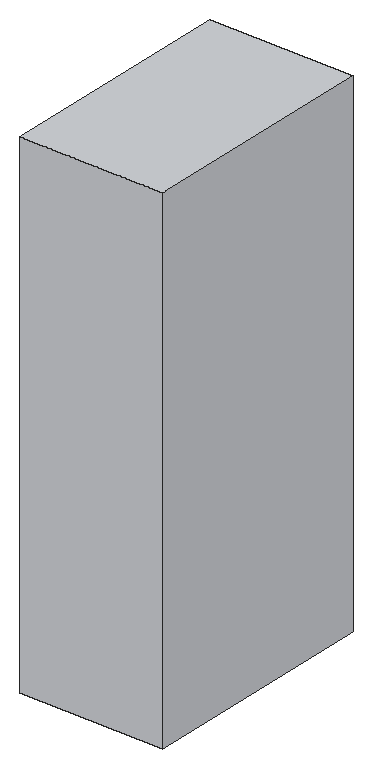
Revit family "第二期車站07_RTU機櫃_600x1000x2100", category 電氣設備, Revit 2025
Family settings
  面板規劃 = 兩欄，回路穿越
  圓形接點標註 = 使用直徑
  組件類型 = 分電盤
  OmniClass 編號 = 23.80.30.11.17
  OmniClass 標題 = Distribution Boards and Control Panels
  以工作平面為基礎 = 否
  總是垂直 = 是
  載入時使用空心切割 = 否
  維持標註方位 = 否
  共用 = 否
  房間計算點 = 否
Parameters (values of type "RTU 與網路機櫃")
  built-in parameter 1155100 [instance] = -1
  Default Elevation = 0 mm
  built-in parameter 1140142 [instance] = -1
  SCADA_高mm [instance] = "2100"
  SCADA_附錄F項次 [instance] = "25"
  SCADA_附錄D項次 [instance] = "16"
  SCADA_編號 [instance] = "P2S07-COMS-RTU-01"
  SCADA_站點 [instance] = "車站 7"
  SCADA_深mm [instance] = "1000"
  SCADA_機櫃類型 [instance] = "RTU 與網路機櫃"
  SCADA_期別 [instance] = "第二期"
  SCADA_房間 [instance] = "COMS/SCADA 設備室"
  SCADA_建物 [instance] = "車站"
  SCADA_尺寸 [instance] = "600W×1000D×2100H"
  SCADA_寬mm [instance] = "600"
  SCADA_定位來源 [instance] = "獨立設備族群（載入專案後定位）"
  SCADA_備註 [instance] = ""
  SCADA_來源文件 [instance] = "Installation SoW_V6（Rev.006, 2026-07-02）附錄 D / F；依原文顏色標示排除已刪除項目"
  SCADA_UPS電源110V [instance] = "雙 UPS 電源（2×4500VA）"
  built-in parameter 1140140 [instance] = 1 (stored number, unit not read)
Reference planes
  plane 1 "中心 (前/後)": y = 0
  plane 2: z = 0
  plane 3 "中心 (左/右)": x = 0
Forms (mm)
  Extrusion 1, solid
    sketch origin (0, 0, 0) x (1, 0, 0) y (0, 1, 0)
      loop
        line (-300, -500) -> (300, -500) -> (300, 500) -> (-300, 500) -> (-300, -500)
    from 0 to 2100
Lines and regions (mm)
  symbolic lines, style "開門線"
    curve 1: line (300, -500, 0) -> (300, -1100, 0)
    curve 2: arc (-300, -500, 0) -> (-124.264, -924.264, 0) -> (300, -1100, 0) r 600
    curve 3: line (-300, 500, 0) -> (-300, 1100, 0)
    curve 4: arc (300, 500, 0) -> (124.264, 924.264, 0) -> (-300, 1100, 0) r 600
Dimensions and locks
  aligned and locked: level to plane 2
